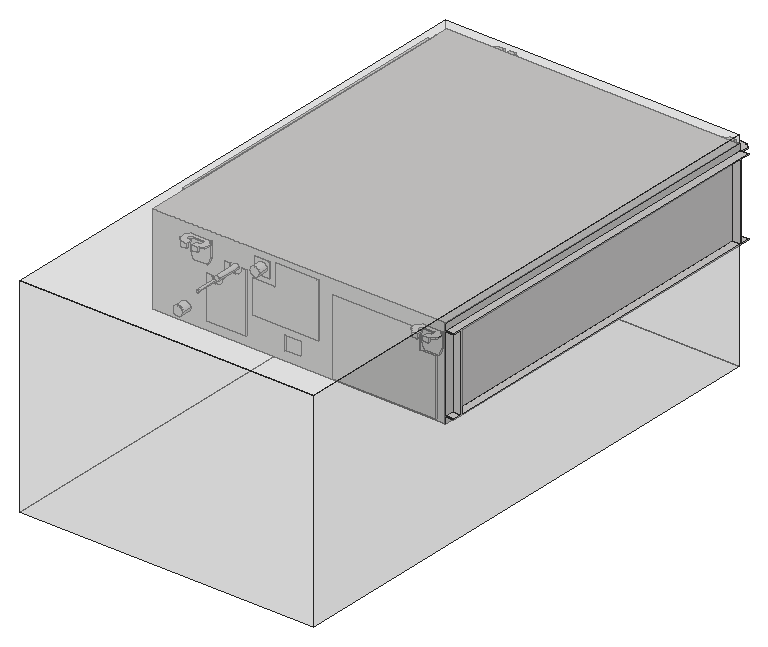
Revit family "outputfile", category 機械設備, Revit 2024
Family settings
  丸型コネクタ寸法 = 半径を使用
  パーツ タイプ = 標準
  OmniClass 番号 = 23.75.10.24.21.27.27
  OmniClass タイトル = Split System Air Conditioning Units
  作業面ベース = いいえ
  常に垂直 = はい
  ロード時にボイドで切り取り = いいえ
  注釈の向きを維持 = いいえ
  共有 = いいえ
  部屋計算ポイント = はい
Parameters (values of type "FXSA50AVM4")
  製造元 = "Daikin"
  書き出し IFC クラス(タイプ) = "IfcUnitaryEquipmentType"
  定義済み IFC タイプ(タイプ) = "AIRCONDITIONINGUNIT"
  モデル = "FXSA50AVM4"
  switch_frequency = yes
  r_Liquid Pipe Size = Liquid Pipe Size / 2  # 3.2 mm
  r_Gas Pipe Size = Gas Pipe Size / 2  # 6.35 mm
  r_Drain Pipe Size = Drain Pipe Size / 2  # 12.5 mm
  lw_power = 770.0 mm
  lh_SA = 138.0 mm
  lw_SA = if(Width = 550.0 mm, 225.0 mm, if(Width = 700.0 mm, 300.0 mm, if(Width = 1000.0 mm, 450.0 mm, if(Width = 1400.0 mm, 650.0 mm, 725.0 mm))))  # 450.0 mm
  lw_RA = if(Width = 550.0 mm, 275.0 mm, if(Width = 700.0 mm, 349.0 mm, if(Width = 1000.0 mm, 499.0 mm, if(Width = 1400.0 mm, 699.0 mm, 775.0 mm))))  # 499.0 mm
  lh_power = 60.0 mm + [h***]  # 60.0 mm
  lh_mountinghole1 = lh_mountinghole + [h***]  # 222.0 mm
  lh_RA = 123.0 mm
  ld_power = Width / 2  # 500.0 mm
  connector_voltage = Voltage_50Hz  # 220 V
  connector_powerinput = [Power Input (Cooling)]  # 0.075 kW
  connector_phase = Phase_50Hz  # 1
  Voltage_comment_60Hz = "220"
  Voltage_comment_50Hz = "220-240"
  Voltage_60Hz = 220 V
  Voltage_50Hz = 220 V
  Total Heating Capacity [instance] = 0.000 kW
  Supply Air Direction [instance] = yes
  Sound Power Level_H speed (dB) = 62
  Power Input (Heating) = 0.070 kW
  Phase_60Hz = 1
  Phase_50Hz = 1
  Nominal Heating Capacity = 6.300 kW
  Minimum External Static Pressure = 50.00 Pa
  Minimum Circuit Amps_60Hz = 1.6 A
  Minimum Circuit Amps_50Hz = 1.6 A
  Maximum Fuse Amps_60Hz = 16.0 A
  Maximum Fuse Amps_50Hz = 16.0 A
  Maximum External Static Pressure = 150.00 Pa
  Material_Casing = DAIKIN_GalvanizedSteel_Casing_indoorunit
  lw_mountinghole = 630.0 mm
  lh_gaspipe = 183.0 mm + [h***]  # 183.0 mm
  lh_mountinghole = 222.0 mm
  lh_liquidpipe = 136.0 mm + [h***]  # 136.0 mm
  lh_drainpipe = 207.0 mm + [h***]  # 207.0 mm
  lh_antena = Height - lh_mountinghole + 1.0 mm  # 24.0 mm
  ld_drainpipe = Width / 2 + 26.0 mm  # 526.0 mm
  ld_liquidpipe = 569.0 mm
  ld_gaspipe = Width / 2 + 65.0 mm  # 565.0 mm
  ld_mountinghole = Width + 38.0 mm  # 1038.0 mm
  h*** = 0.0 mm
  lw_liquidpipe = 179.0 mm
  lw_gaspipe = 229.0 mm
  lw_drainpipe = 300.0 mm
  Width = 1000.0 mm
  Version = "ver.1.0"
  Unit Type = "Duct_M.S.P."
  Unit Mass Weight = 35.00 kg
  Unit Designation [instance] = ""
  Uniclass2015Version = "Products v1.30"
  Uniclass2015Title = "Variable refrigerant flow units"
  Uniclass2015Code = "Pr_70_65_03_94"
  Total Cooling Capacity [instance] = 0.000 kW
  Sound Pressure Level_M speed (dBA) = 32
  Sound Pressure Level_L speed (dBA) = 29
  Sound Pressure Level_H speed (dBA) = 34
  Series = "VRV Fan Coil Unit"
  Sensible Cooling Capacity [instance] = 0.000 kW
  SA Duct Size Width = 792.0 mm
  SA Duct Size Height = 176.0 mm
  Refrigerant Type = "R32"
  RA Duct Size Width = 952.0 mm
  RA Duct Size Height = 208.0 mm
  Power Input (Cooling) = 0.075 kW
  Option Accessory 3 [instance] = ""
  Option Accessory 2 [instance] = ""
  Option Accessory 1 [instance] = ""
  Nominal Cooling Capacity = 5.600 kW
  Minimum Airflow = 690.00 m³/h
  Median Airflow = 870.00 m³/h
  Maximum Airflow = 1020.00 m³/h
  Load Classification = HVAC
  Liquid Pipe Size = 6.4 mm
  Link_Nested Family [instance] = ""
  IfcVersion = ""
  IfcExportType = "AIRCONDITIONINGUNIT"
  IfcExportAs = "IfcUnitaryEquipmentType"
  Height = 245.0 mm
  Heating Entering Wet Bulb Temperature [instance] = -273.15 °C
  Heating Entering Dry Bulb Temperature [instance] = -273.15 °C
  Heating Ambient Wet Bulb Temperature [instance] = -273.15 °C
  Heating Ambient Dry Bulb Temperature [instance] = -273.15 °C
  Heat Exchanger Type = "Cross Fin Coil"
  Gas Pipe Size = 12.7 mm
  Frequency_60Hz = 60 Hz
  Frequency_50Hz = 50 Hz
  Fan Type = "Sirocco Fan"
  Fan Drive = "Direct Drive"
  FCU Tag No. [instance] = ""
  Drain Pipe Size = 25.0 mm
  Design Supply Airflow [instance] = 0.00 m³/h
  Design Return Airflow [instance] = 0.00 m³/h
  Design External Static Pressure [instance] = 0.00 Pa
  Depth = 800.0 mm
  既定の高さ = 0.0 mm
  Cooling Entering Wet Bulb Temperature [instance] = 0.00 °C
  Cooling Entering Dry Bulb Temperature [instance] = 0.00 °C
  Cooling Ambient Wet Bulb Temperature [instance] = 0.00 °C
  Cooling Ambient Dry Bulb Temperature [instance] = 0.00 °C
  Clearance visibility [instance] = yes
  Clearance Top = 20.0 mm
  Clearance Right = 0.0 mm
  Clearance Rear = 0.0 mm
  Clearance Left = 0.0 mm
  Clearance Front = 450.0 mm
  Clearance Bottom = 300.0 mm
Reference planes
  plane 1 "Center (Front/Back)": y = 0
  plane 2 "h": z = 0
  plane 3 "Center (Left/Right)": x = 0
  plane 4 "Back": y = 500
  plane 5 "Front": y = -500
  plane 6 "Left": x = -400
  plane 7 "Right": x = 400
  plane 8 "Top": z = 0
  plane 9 "Bottom": z = -245
  plane 10: y = -215
  plane 11: y = 500
  plane 12: y = -950
  plane 13: x = -400
  plane 14: x = 400
  plane 15: z = 20
  plane 16: z = -545
  plane 17: x = -400
  plane 18: x = -399
  plane 19: x = 399
  plane 20: y = 50
  plane 21: y = -1
  plane 22: z = -122
  plane 23: y = -501
  plane 24: z = -109
  plane 25: x = -221
  plane 26: y = -565
  plane 27: z = -62
  plane 28: x = -171
  plane 29: y = -526
  plane 30: z = -38
  plane 31: x = -100
  plane 32: x = -100
  plane 33: x = -221
  plane 34: x = -171
  plane 35: x = 370
  plane 36: x = -266
  plane 37: x = 364
  plane 38: y = -519
  plane 39: y = 519
  plane 40: z = -23
  plane 41: z = -107
  plane 42: y = -569
  plane 43: z = -207
  plane 44: x = -309
  plane 45: y = -376
  plane 46: x = -251
  plane 47: x = -203
  plane 48: x = -144
  plane 49: z = -59
  plane 50: z = -106
  plane 51: z = -221
  plane 52: z = -109
  plane 53: x = -221
  plane 54: z = -62
  plane 55: x = -171
  plane 56: z = -17
  plane 57: z = -59
  plane 58: x = -121
  plane 59: x = -79
  plane 60: x = -125
  plane 61: x = -64
  plane 62: x = 53
  plane 63: z = -164
  plane 64: z = -73
  plane 65: z = -16
  plane 66: x = 93.5
  plane 67: x = 374.5
  plane 68: x = 330
  plane 69: z = -88.5
  plane 70: z = -38
  plane 71: z = -242.5
  plane 72: x = -38.5
  plane 73: x = 6.5
  plane 74: z = -181
  plane 75: z = -221
  plane 76: y = -499
  plane 77: x = -424
  plane 78: x = 424
Forms (mm)
  Extrusion 1, solid, material "DAIKIN_GalvanizedSteel_Casing_indoorunit" <- "Material_Casing"
    sketch origin (0, 0, 0) x (1, 0, 0) y (0, 1, 0)
      loop
        line (-399, 500) -> (-399, -500) -> (399, -500) -> (399, 500) -> (-399, 500)
    from -245 to 0
  Extrusion 2, solid, material "DAIKIN_GalvanizedSteel_Casing_indoorunit" <- "Material_Casing"
    sketch origin (0, 0, 0) x (1, 0, 0) y (0, 0, 1)
      loop
        line (-251, -221) -> (-144, -221) -> (-144, -59) -> (-154.47, -59)
        arc (-154.47, -59) -> (-171, -78.8) -> (-187.53, -59) r 16.8
        line (-187.53, -59) -> (-203, -59) -> (-203, -106) -> (-206.916, -106)
        arc (-206.916, -106) -> (-221, -123.4) -> (-235.084, -106) r 14.4
        line (-235.084, -106) -> (-251, -106) -> (-251, -221)
    from 500 to 501
  Extrusion 3, solid, material "DAIKIN_GalvanizedSteel_Casing_indoorunit" <- "Material_Casing"
    sketch origin (0, 0, 0) x (1, 0, 0) y (0, 0, 1)
      loop
        line (-121, -17) -> (-121, -59) -> (-79, -59) -> (-79, -17) -> (-121, -17)
      loop
        line (-125, -73) -> (-125, -164) -> (53, -164) -> (53, -16) -> (-64, -16) -> (-64, -73) -> (-125, -73)
    from 500 to 501
  Extrusion 4, solid, material "DAIKIN_GalvanizedSteel_Casing_indoorunit" <- "Material_Casing"
    sketch origin (0, 0, 0) x (1, 0, 0) y (0, 0, 1)
      loop
        line (93.5, -38) -> (93.5, -242.5) -> (374.5, -242.5) -> (374.5, -88.5) -> (330, -88.5) -> (330, -38) -> (93.5, -38)
    from 500 to 501
  Extrusion 5, solid, material "DAIKIN_GalvanizedSteel_Casing_indoorunit" <- "Material_Casing"
    sketch origin (0, 0, 0) x (1, 0, 0) y (0, 0, 1)
      loop
        circle (-221, -109) r 3.2
    from 500 to 569
  Extrusion 6, solid, material "DAIKIN_GalvanizedSteel_Casing_indoorunit" <- "Material_Casing"
    sketch origin (0, 0, 0) x (1, 0, 0) y (0, 0, 1)
      loop
        circle (-171, -62) r 6.35
    from 500 to 565
  Extrusion 7, solid, material "DAIKIN_GalvanizedSteel_Casing_indoorunit" <- "Material_Casing"
    sketch origin (0, 0, 0) x (1, 0, 0) y (0, 0, 1)
      loop
        circle (-100, -38) r 12.5
    from 501 to 526
  Extrusion 8, solid, material "DAIKIN_GalvanizedSteel_Casing_indoorunit" <- "Material_Casing"
    sketch origin (0, 0, 0) x (1, 0, 0) y (0, 0, 1)
      loop
        circle (-309, -207) r 13
    from 500 to 526
  Extrusion 9, void
    sketch origin (0, 0, 0) x (1, 0, 0) y (0, 0, 1)
      loop
        line (-38.5, -181) -> (-38.5, -221) -> (6.5, -221) -> (6.5, -181) -> (-38.5, -181)
    from 499 to 500
Cuts and joins
  Extrusion 9 cuts Extrusion 1
Dimensions and locks
  "Height": plane 8 "Top" to plane 9 "Bottom"
  equal spacing: plane 4 "Back", plane 1 "Center (Front/Back)", plane 5 "Front"
  "Width": plane 4 "Back" to plane 5 "Front"
  equal spacing: plane 6 "Left", plane 3 "Center (Left/Right)", plane 7 "Right"
  "Depth": plane 6 "Left" to plane 7 "Right"
  "Clearance Left": plane 13 to plane 6 "Left"
  "Clearance Right": plane 7 "Right" to plane 14
  "Clearance Rear": plane 11 to plane 4 "Back"
  "Clearance Front": plane 5 "Front" to plane 12
  "Clearance Top": plane 15 to plane 8 "Top"
  "Clearance Bottom": plane 9 "Bottom" to plane 16
  locked: plane 17 to plane 18 at 1
  locked: plane 19 to plane 14 at 1
  "lw_SA": plane 11 to plane 20
  "lw_RA": plane 21 to plane 5 "Front"
  "lh_RA": plane 22 to plane 9 "Bottom"
  locked: plane 5 "Front" to plane 23 at 1
  "lw_liquidpipe": plane 25 to plane 6 "Left"
  "lh_liquidpipe": plane 24 to plane 9 "Bottom"
  "lh_gaspipe": plane 27 to plane 9 "Bottom"
  "lw_gaspipe": plane 28 to plane 6 "Left"
  "ld_gaspipe": plane 26 to plane 1 "Center (Front/Back)"
  "ld_drainpipe": plane 29 to plane 1 "Center (Front/Back)"
  "lh_drainpipe": plane 30 to plane 9 "Bottom"
  "lw_drainpipe": plane 31 to plane 6 "Left"
  "lw_drainpipe": plane 6 "Left" to plane 32
  "lw_liquidpipe": plane 6 "Left" to plane 33
  "lw_gaspipe": plane 6 "Left" to plane 34
  "lw_power": plane 6 "Left" to plane 35
  locked: plane 17 to plane 36 at 134
  "lw_mountinghole": plane 36 to plane 37
  equal spacing: plane 38, plane 1 "Center (Front/Back)", plane 39
  "ld_mountinghole": plane 39 to plane 38
  "lh_mountinghole": plane 40 to plane 9 "Bottom"
  "lh_SA": plane 41 to plane 9 "Bottom"
  locked: plane 44 to plane 6 "Left" at 91
  locked: plane 43 to plane 9 "Bottom" at 38
  plane 48 to plane 47 to plane 46 to plane 6 "Left" = 59.0 mm, 48.0 mm, 149.0 mm
  plane 8 "Top" to plane 49 to plane 50 to plane 51 = 59.0 mm locked, 47.0 mm locked, 115.0 mm locked
  plane 55 to plane 53 to plane 6 "Left" = 50.0 mm locked, 179.0 mm locked
  plane 54 to plane 52 to plane 9 "Bottom" = 47.0 mm locked, 136.0 mm locked
  plane 59 to plane 58 to plane 6 "Left" = 42.0 mm locked, 279.0 mm locked
  plane 8 "Top" to plane 56 to plane 57 = 17.0 mm locked, 42.0 mm locked
  plane 62 to plane 61 to plane 60 to plane 6 "Left" = 117.0 mm, 61.0 mm, 275.0 mm
  plane 8 "Top" to plane 65 to plane 64 = 16.0 mm locked, 57.0 mm locked
  locked: plane 65 to plane 63 at 148
  plane 8 "Top" to plane 70 to plane 69 to plane 71 = 38.0 mm locked, 50.5 mm locked, 154.0 mm locked
  plane 67 to plane 68 to plane 66 to plane 6 "Left" = 44.5 mm locked, 236.5 mm locked, 493.5 mm locked
  plane 8 "Top" to plane 74 to plane 75 = 181.0 mm locked, 40.0 mm locked
  plane 73 to plane 72 to plane 6 "Left" = 45.0 mm, 361.5 mm
  locked: plane 76 to plane 5 "Front" at 1
  locked: plane 77 to plane 17 at 24
  locked: plane 14 to plane 78 at 24
  "ld_liquidpipe": plane 42 to plane 1 "Center (Front/Back)"
  "r_Liquid Pipe Size": radius of Extrusion 5 sketch curve
  "r_Gas Pipe Size": radius of Extrusion 6 sketch curve
  "r_Drain Pipe Size": radius of Extrusion 7 sketch curve
  aligned and locked: level to plane 2 "h"
  aligned and locked: plane 8 "Top" to Extrusion 1
  aligned and locked: Extrusion 1 to plane 9 "Bottom"
  aligned and locked: nested 5 to plane 12
  aligned and locked: plane 13 to nested 5
  aligned and locked: plane 14 to nested 5
  aligned and locked: nested 5 to plane 13
  aligned and locked: plane 11 to nested 5
  aligned and locked: plane 15 to nested 5
  aligned and locked: plane 16 to nested 5
  aligned and locked: plane 5 "Front" to Extrusion 1 sketch curve
  aligned and locked: Extrusion 1 to plane 18
  aligned and locked: plane 19 to Extrusion 1
  aligned and locked: nested 7 to plane 18
  aligned and locked: nested 7 to plane 20
  aligned and locked: plane 19 to nested 8
  aligned and locked: plane 21 to nested 8
  aligned and locked: plane 22 to nested 8
  aligned and locked: Extrusion 2 to plane 23
  aligned and locked: plane 5 "Front" to Extrusion 2
  aligned and locked: Extrusion 3 to plane 23
  aligned and locked: plane 5 "Front" to Extrusion 3
  aligned and locked: plane 5 "Front" to Extrusion 4
  aligned and locked: Extrusion 5 sketch curve to plane 25
  aligned and locked: plane 24 to Extrusion 5 sketch curve
  aligned and locked: plane 5 "Front" to Extrusion 5
  aligned and locked: Extrusion 6 sketch curve to plane 28
  aligned and locked: plane 27 to Extrusion 6 sketch curve
  aligned and locked: plane 5 "Front" to Extrusion 6
  aligned and locked: Extrusion 7 sketch curve to plane 31
  aligned and locked: Extrusion 7 sketch curve to plane 30
  aligned and locked: Extrusion 7 to plane 29
  aligned and locked: plane 23 to Extrusion 7
  aligned and locked: nested 3 to plane 29
  aligned and locked: plane 32 to nested 3
  aligned and locked: nested 2 to plane 33
  aligned and locked: nested 1 to plane 34
  aligned and locked: Extrusion 6 to plane 26
  aligned and locked: nested 1 to plane 26
  aligned and locked: nested 6 to plane 5 "Front"
  aligned and locked: nested 6 to plane 35
  aligned and locked: plane 36 to nested 10
  aligned and locked: nested 10 to plane 5 "Front"
  aligned and locked: plane 37 to nested 9
  aligned and locked: nested 9 to plane 5 "Front"
  aligned and locked: nested 11 to plane 36
  aligned and locked: plane 4 "Back" to nested 11
  aligned and locked: nested 12 to plane 37
  aligned and locked: plane 4 "Back" to nested 12
  aligned and locked: plane 40 to nested 10
  aligned and locked: plane 40 to nested 11
  aligned and locked: plane 40 to nested 9
  aligned and locked: plane 40 to nested 12
  aligned and locked: plane 36 to nested 14
  aligned and locked: nested 14 to plane 39
  aligned and locked: plane 37 to nested 13
  aligned and locked: nested 13 to plane 39
  aligned and locked: plane 37 to nested 16
  aligned and locked: plane 38 to nested 16
  aligned and locked: plane 38 to nested 15
  aligned and locked: plane 36 to nested 15
  aligned and locked: plane 17 to plane 6 "Left"
  aligned and locked: plane 41 to nested 7
  aligned and locked: Extrusion 5 to plane 42
  aligned and locked: nested 2 to plane 42
  aligned and locked: Extrusion 8 sketch curve to plane 44
  aligned and locked: plane 43 to Extrusion 8 sketch curve
  aligned and locked: plane 5 "Front" to Extrusion 8
  aligned and locked: Extrusion 3 sketch curve to plane 56
  aligned and locked: Extrusion 3 sketch curve to plane 58
  aligned and locked: plane 57 to Extrusion 3 sketch curve
  aligned and locked: plane 59 to Extrusion 3 sketch curve
  aligned and locked: Extrusion 4 to plane 23
  aligned and locked: Extrusion 9 sketch curve to plane 74
  aligned and locked: plane 75 to Extrusion 9 sketch curve
  aligned and locked: plane 73 to Extrusion 9 sketch curve
  aligned and locked: plane 5 "Front" to Extrusion 9
  aligned and locked: plane 76 to Extrusion 9
  aligned and locked: nested 17 to plane 20
  aligned and locked: nested 17 to plane 77
  aligned and locked: plane 21 to nested 18
  aligned and locked: plane 78 to nested 18
  aligned and locked: plane 41 to nested 17
  aligned and locked: nested 18 to plane 22
  aligned and locked: nested 4 to plane 3 "Center (Left/Right)"
  aligned and locked: plane 1 "Center (Front/Back)" to nested 4
  aligned and locked: level to plane 8 "Top"
  aligned and locked: Extrusion 8 to plane 29
Automatic sketch dimensions
  plane 6 "Left" to Extrusion 1 sketch curve = 1.0 mm
  Extrusion 1 sketch curve to plane 7 "Right" = 1.0 mm
  Extrusion 1 sketch curve to plane 4 "Back" = 0.0 mm
  Extrusion 2 sketch curve to plane 46 = 0.0 mm
  Extrusion 2 sketch curve to plane 33 = 0.0 mm
  Extrusion 2 sketch curve to plane 47 = 0.0 mm
  Extrusion 2 sketch curve to plane 34 = 0.0 mm
  Extrusion 2 sketch curve to plane 48 = 0.0 mm
  Extrusion 2 sketch curve to plane 51 = 0.0 mm
  Extrusion 2 sketch curve to plane 52 = 0.0 mm
  Extrusion 2 sketch curve to plane 50 = 0.0 mm  (x3)
  Extrusion 2 sketch curve to plane 54 = 0.0 mm
  Extrusion 2 sketch curve to plane 49 = 0.0 mm  (x3)
  plane 33 to Extrusion 2 sketch curve = 14.084 mm
  plane 34 to Extrusion 2 sketch curve = 16.53 mm
  Extrusion 3 sketch curve to plane 60 = 0.0 mm
  Extrusion 3 sketch curve to plane 61 = 0.0 mm
  Extrusion 3 sketch curve to plane 62 = 0.0 mm
  Extrusion 3 sketch curve to plane 63 = 0.0 mm
  Extrusion 3 sketch curve to plane 64 = 0.0 mm
  Extrusion 3 sketch curve to plane 65 = 0.0 mm
  Extrusion 4 sketch curve to plane 66 = 0.0 mm
  Extrusion 4 sketch curve to plane 68 = 0.0 mm
  Extrusion 4 sketch curve to plane 67 = 0.0 mm
  Extrusion 4 sketch curve to plane 71 = 0.0 mm
  Extrusion 4 sketch curve to plane 69 = 0.0 mm
  Extrusion 4 sketch curve to plane 70 = 0.0 mm
  Extrusion 9 sketch curve to plane 72 = 0.0 mm
  radius of Extrusion 8 sketch curve = 13.0 mm
Nested families
  nested 1: "daikin_connector_rotate2" at (-171, 0, -62), length <- "ld_gaspipe", built-in parameter 1001364 <- "lh_gaspipe", radius <- "r_Gas Pipe Size", type "daikin_connector_rotate2"
    with radius 6.35 mm, length 565.0 mm, angle_vertical 90.00°
  nested 2: "daikin_connector_rotate2" at (-221, 0, -109), length <- "ld_liquidpipe", built-in parameter 1001364 <- "lh_liquidpipe", radius <- "r_Liquid Pipe Size", type "daikin_connector_rotate2"
    with radius 3.2 mm, length 569.0 mm, angle_vertical 90.00°
  nested 3: "daikin_connector_rotate2" at (-100, 0, -38), length <- "ld_drainpipe", built-in parameter 1001364 <- "lh_drainpipe", radius <- "r_Drain Pipe Size", type "daikin_connector_rotate2"
    with radius 12.5 mm, length 526.0 mm, angle_vertical 90.00°
  nested 4: "daikin_△_symbolicline" at (0, 0, 245) x (0, -1, 0) z (0, 0, 1), built-in parameter 1001364 <- "Height", visible <- "Supply Air Direction", type "daikin_△_symbolicline"
    with length 200.0 mm
  nested 5: "daikin_clearancespace" at (0, -225, -262.381), visible <- "Clearance visibility", show <- "Clearance visibility", Link_Nested Family <- "Link_Nested Family", type "daikin_clearancespace"
    with width 800.0 mm, show yes, height 565.0 mm, depth 1450.0 mm, Link_Nested Family ""
  nested 6: "daikin_connector_rotate2" at (370, 0, -185), built-in parameter 1001364 <- "lh_power", length <- "ld_power", type "daikin_connector_rotate2"
    with radius 10.0 mm, length 500.0 mm, angle_vertical 90.00°
  nested 7: "daikin_ductflange_FXFSA-AVM4_2" at (-399, 50, -107) x (0, -1, 0) z (0, 0, 1), type "daikin_ductflange_FXFSA-AV4_2"
    with width 792.0 mm, w 1000.0 mm
  nested 8: "daikin_ductflange_FXFSA-AVM4" at (399, -1, -122) x (0, 1, 0) z (0, 0, 1), type "daikin_ductflange_FXFSA-AVM4"
    with width 952.0 mm, lw 25.0 mm, w 1000.0 mm
  nested 9: "FXFSA-AVM4" at (364, -500, -23), type "daikin_hangerfixture_FXSA-AVM4"
  nested 10: "FXFSA-AVM4" at (-266, -500, -23), type "daikin_hangerfixture_FXSA-AVM4"
  nested 11: "FXFSA-AVM4" at (-266, 500, -23) x (-1, 0, 0) z (0, 0, 1), type "daikin_hangerfixture_FXSA-AVM4"
  nested 12: "FXFSA-AVM4" at (364, 500, -23) x (-1, 0, 0) z (0, 0, 1), type "daikin_hangerfixture_FXSA-AVM4"
  nested 13: "daikin_mountinghole" at (364, 519, -245), h_mountinghole <- "lh_mountinghole1", l_antenna <- "lh_antena", Link_Nested Family <- "Link_Nested Family", type "daikin_mountinghole"
    with show yes, l_antenna 24.0 mm, h_mountinghole 222.0 mm, Link_Nested Family ""
  nested 14: "daikin_mountinghole" at (-266, 519, -245), h_mountinghole <- "lh_mountinghole1", l_antenna <- "lh_antena", Link_Nested Family <- "Link_Nested Family", type "daikin_mountinghole"
    with show yes, l_antenna 24.0 mm, h_mountinghole 222.0 mm, Link_Nested Family ""
  nested 15: "daikin_mountinghole" at (-266, -519, -245), h_mountinghole <- "lh_mountinghole1", l_antenna <- "lh_antena", Link_Nested Family <- "Link_Nested Family", type "daikin_mountinghole"
    with show yes, l_antenna 24.0 mm, h_mountinghole 222.0 mm, Link_Nested Family ""
  nested 16: "daikin_mountinghole" at (364, -519, -245), h_mountinghole <- "lh_mountinghole1", l_antenna <- "lh_antena", Link_Nested Family <- "Link_Nested Family", type "daikin_mountinghole"
    with show yes, l_antenna 24.0 mm, h_mountinghole 222.0 mm, Link_Nested Family ""
  nested 17: "daikin_connector_rotate2" at (-400, 50, -107) x (0, -1, 0) z (0, 0, 1), type "daikin_connector_rotate2"
    with radius 10.0 mm, length 24.0 mm, angle_vertical 90.00°
  nested 18: "daikin_connector_rotate2" at (400, -1, -122) x (0, 1, 0) z (0, 0, 1), type "daikin_connector_rotate2"
    with radius 10.0 mm, length 24.0 mm, angle_vertical 90.00°
Connectors
  piping at (-100, -526, -38), diameter 25, driven by "r_Drain Pipe Size"
    settings: on nested 3, index 3, connector inside diameter 609.6 mm, connector length 0.0 mm, flow factor 0, pipe flow 0.00 m³/h, pressure drop 0.0 Pa, fitting loss kfactor 0, connector angle 0.00°, fixture units 0, engagement length 0.0 mm, angle of deflection 0.00°, flow configuration 1, flow direction 2, fitting loss method 4, system type 16, joint type 0, gender type 0, connector reference index -1, connector utility 0, adjustable connector no, is connector primary yes, connector description "Condensate Drain Piping"
  piping at (-171, -565, -62), diameter 12.7, driven by "r_Gas Pipe Size"
    settings: on nested 1, index 4, connector inside diameter 609.6 mm, connector length 0.0 mm, flow factor 0, pipe flow 0.00 m³/h, pressure drop 0.0 Pa, fitting loss kfactor 0, connector angle 0.00°, fixture units 0, engagement length 0.0 mm, angle of deflection 0.00°, flow configuration 1, flow direction 2, fitting loss method 0, system type 29, joint type 0, gender type 0, connector reference index -1, connector utility 0, adjustable connector no, is connector primary no, connector description "Refrigerant Gas Piping"
  piping at (-221, -569, -109), diameter 6.4, driven by "r_Liquid Pipe Size"
    settings: on nested 2, index 5, connector inside diameter 609.6 mm, connector length 0.0 mm, flow factor 0, pipe flow 0.00 m³/h, pressure drop 0.0 Pa, fitting loss kfactor 0, connector angle 0.00°, fixture units 0, engagement length 0.0 mm, angle of deflection 0.00°, flow configuration 1, flow direction 1, fitting loss method 0, system type 29, joint type 0, gender type 0, connector reference index -1, connector utility 0, adjustable connector no, is connector primary no, connector description "Refrigerant Liquid Piping"
  electrical at (370, -500, -185), driven by "Load Classification", driven by "connector_voltage", driven by "connector_phase", driven by "connector_powerinput"
    settings: on nested 6, index 6, voltage 220 V, apparent load 75 VA, apparent load phase1 0 VA, apparent load phase2 0 VA, apparent load phase3 0 VA, power factor 1, load classification "HVAC", number of poles 1, system type 30, power factor state 1, is connector primary yes, connector utility no, sub classification motor no, connector description "Power Supply"
  hvac at (-424, 50, -107), driven by "SA Duct Size Height", driven by "SA Duct Size Width"
    settings: on nested 17, index 7, duct flow 0.00 m³/h, flow factor 0, pres drop 0.00 Pa, loss coef 0, conn angle 0.00°, conn width 792.0 mm, conn height 176.0 mm, conn diameter 609.6 mm, duct sys type 1, conn prof type 1, flow config 0, flow direction 2, loss method 4, conn ref index -1, conn util no, is conn primary yes, conn desc "SA Duct"
  hvac at (424, -1, -122), driven by "RA Duct Size Height", driven by "RA Duct Size Width"
    settings: on nested 18, index 8, duct flow 0.00 m³/h, flow factor 0, pres drop 0.00 Pa, loss coef 0, conn angle 0.00°, conn width 952.0 mm, conn height 208.0 mm, conn diameter 609.6 mm, duct sys type 2, conn prof type 1, flow config 0, flow direction 1, loss method 4, conn ref index -1, conn util no, is conn primary no, conn desc "RA Duct"
Definition of nested family "daikin_clearancespace"
  Parameters (values of type "daikin_clearancespace")
    Description = "daikin_clearancespace"
    width [instance] = 1823.963 mm
    show [instance] = yes
    material = none
    height [instance] = 1359.762 mm
    depth [instance] = 880.0 mm
    Default Elevation = 0.0 mm
    Link_Nested Family [instance] = ""
  Reference planes
    plane 1 "Center (Front/Back)": y = 0
    plane 2 "Center (Elevation)": z = -0.119
    plane 3 "Center (Left/Right)": x = 0
    plane 4: y = 440
    plane 5: y = -440
    plane 6 "Right": x = 911.982
    plane 7 "Left": x = -911.982
    plane 8 "Top": z = 679.762
    plane 9 "Bottom": z = -680
  Forms (mm)
    Extrusion 1, solid, material <- "material", visible <- "show"
      sketch origin (0, 0, 0) x (1, 0, 0) y (0, 1, 0)
        loop
          line (-911.982, 440) -> (-911.982, -440) -> (911.982, -440) -> (911.982, 440) -> (-911.982, 440)
      from -680 to 679.762
  Lines and regions (mm)
    symbolic lines, visible <- "show"
      curve 1: line (911.982, 440, 0) -> (-911.982, 440, 0)
      curve 2: line (-911.982, 440, 0) -> (-911.982, -440, 0)
      curve 3: line (-911.982, -440, 0) -> (911.982, -440, 0)
      curve 4: line (911.982, -440, 0) -> (911.982, 440, 0)
      curve 5: line (911.982, 0, 679.762) -> (-911.982, 0, 679.762)
      curve 6: line (911.982, 0, -680) -> (911.982, 0, 679.762)
      curve 7: line (-911.982, 0, -680) -> (911.982, 0, -680)
      curve 8: line (-911.982, 0, 679.762) -> (-911.982, 0, -680)
      curve 9: line (0, 440, 679.762) -> (0, -440, 679.762)
      curve 10: line (0, -440, 679.762) -> (0, -440, -680)
      curve 11: line (0, 440, -680) -> (0, 440, 679.762)
      curve 12: line (0, -440, -680) -> (0, 440, -680)
  Dimensions and locks
    "width": plane 7 "Left" to plane 6 "Right"
    "depth": plane 4 to plane 5
    "height": plane 8 "Top" to plane 9 "Bottom"
    equal spacing: plane 7 "Left", plane 3 "Center (Left/Right)", plane 6 "Right"
    equal spacing: plane 4, plane 1 "Center (Front/Back)", plane 5
    equal spacing: plane 8 "Top", plane 2 "Center (Elevation)", plane 9 "Bottom"
    aligned and locked: level to plane 2 "Center (Elevation)"
    aligned and locked: Extrusion 1 sketch curve to plane 4
    aligned and locked: plane 7 "Left" to Extrusion 1 sketch curve
    aligned and locked: Extrusion 1 sketch curve to plane 5
    aligned and locked: Extrusion 1 sketch curve to plane 6 "Right"
    aligned and locked: plane 8 "Top" to Extrusion 1
    aligned and locked: curve 1 to Extrusion 1
    aligned and locked: curve 2 to Extrusion 1
    aligned and locked: curve 3 to Extrusion 1
    aligned and locked: curve 4 to Extrusion 1
    aligned and locked: curve 5 to Extrusion 1
    aligned and locked: curve 6 to Extrusion 1
    aligned and locked: curve 7 to Extrusion 1
    aligned and locked: curve 8 to Extrusion 1
    aligned and locked: curve 9 to Extrusion 1
    aligned and locked: curve 10 to Extrusion 1
    aligned and locked: curve 11 to Extrusion 1
    aligned and locked: curve 12 to Extrusion 1
    aligned and locked: Extrusion 1 to plane 9 "Bottom"
Definition of nested family "daikin_ductflange_FXFSA-AVM4_2"
  Parameters (values of type "daikin_ductflange_FBA-BVMA2")
    width = if(w = 550.0 mm, 337.0 mm, if(w = 700.0 mm, 492.0 mm, if(w = 1000.0 mm, 792.0 mm, if(w = 1400.0 mm, 1192.0 mm, 1337.0 mm))))  # 492.0 mm
    w1 = if(w = 550.0 mm, 24.0 mm, if(w = 700.0 mm, 21.5 mm, if(w = 1000.0 mm, 21.5 mm, if(w = 1400.0 mm, 21.5 mm, 24.0 mm))))  # 21.5 mm
    material = none
    height = 215.0 mm
    depth = 1.0 mm
    w = 700.0 mm
    Default Elevation = 0.0 mm
  Reference planes
    plane 1 "Center (Front/Back)": y = 0
    plane 2: z = 0
    plane 3 "Center (Left/Right)": x = 0
    plane 4: z = 88
    plane 5: z = -88
    plane 6: y = -25
    plane 7: z = 106
    plane 8: z = 89
    plane 9: y = -1
    plane 10: x = -267.5
    plane 11: x = 267.5
    plane 12: z = -106
    plane 13: z = -89
    plane 14: y = -1
    plane 15: x = 246
    plane 16: x = -246
    plane 17: x = 247
    plane 18: z = 87
    plane 19: z = -87
    plane 20: x = -247
    plane 21: z = 87
    plane 22: z = -87
    plane 23: y = -1
  Forms (mm)
    Extrusion 1, solid, material <- "material"
      sketch origin (0, 0, 0) x (0, 1, 0) y (0, 0, 1)
        loop
          line (-25, 88) -> (0, 88) -> (0, 106) -> (-1, 106) -> (-1, 89) -> (-25, 89) -> (-25, 88)
      from -267.5 to 267.5
    Extrusion 2, solid, material <- "material"
      sketch origin (0, 0, 0) x (0, 1, 0) y (0, 0, 1)
        loop
          line (-25, -88) -> (-25, -89) -> (-1, -89) -> (-1, -106) -> (0, -106) -> (0, -88) -> (-25, -88)
      from -267.5 to 267.5
    Extrusion 3, solid, material <- "material"
      sketch origin (0, 0, 0) x (1, 0, 0) y (0, 0, 1)
        loop
          line (246, 88) -> (246, -88) -> (267.5, -88) -> (267.5, -87) -> (247, -87) -> (247, 87) -> (267.5, 87) -> (267.5, 88) -> (246, 88)
      from 0 to 25
    Extrusion 4, solid, material <- "material"
      sketch origin (0, 0, 0) x (1, 0, 0) y (0, 0, 1)
        loop
          line (-267.5, 88) -> (-267.5, 87) -> (-247, 87) -> (-247, -87) -> (-267.5, -87) -> (-267.5, -88) -> (-246, -88) -> (-246, 88) -> (-267.5, 88)
      from 0 to 25
    Extrusion 5, solid, material <- "material"
      sketch origin (0, 0, 0) x (1, 0, 0) y (0, 0, 1)
        loop
          line (-267.5, 88) -> (-267.5, -88) -> (-246, -88) -> (-246, 88) -> (-267.5, 88)
        loop
          line (267.5, 88) -> (246, 88) -> (246, -88) -> (267.5, -88) -> (267.5, 88)
      from 0 to 1
  Cuts and joins
    joined: Extrusion 1, Extrusion 2, Extrusion 3, Extrusion 4, Extrusion 5
  Dimensions and locks
    plane 4 to level to plane 5 = 88.0 mm, 88.0 mm
    locked: plane 6 to plane 1 "Center (Front/Back)" at 25
    locked: plane 9 to plane 1 "Center (Front/Back)" at 1
    locked: plane 8 to plane 4 at 1
    "w1": plane 16 to plane 10
    locked: plane 17 to plane 15 at 1
    locked: plane 4 to plane 18 at 1
    locked: plane 19 to plane 5 at 1
    "width": plane 15 to plane 16
    plane 4 to plane 5 = 176.0 mm
    locked: plane 16 to plane 20 at 1
    locked: plane 4 to plane 21 at 1
    locked: plane 22 to plane 5 at 1
    locked: plane 23 to plane 1 "Center (Front/Back)" at 1
    plane 4 to level to plane 5 = 88.0 mm locked, 88.0 mm locked
    locked: plane 5 to plane 13 at 1
    locked: plane 5 to plane 12 at 18
    locked: plane 7 to plane 4 at 18
    equal spacing: plane 15, plane 3 "Center (Left/Right)", plane 16
    "w1": plane 11 to plane 15
    plane 11 to plane 10 = 535.0 mm
    aligned and locked: level to plane 2
    aligned and locked: Extrusion 1 to plane 10
    aligned and locked: plane 11 to Extrusion 1
    aligned and locked: plane 5 to Extrusion 2
    aligned and locked: Extrusion 2 to plane 1 "Center (Front/Back)"
    aligned and locked: plane 15 to Extrusion 3 sketch curve
    aligned and locked: Extrusion 3 sketch curve to Extrusion 2  (x2)
    aligned and locked: Extrusion 3 sketch curve to plane 11
    aligned and locked: plane 6 to Extrusion 3
    aligned and locked: Extrusion 2 to plane 10
    aligned and locked: plane 11 to Extrusion 2
    aligned and locked: Extrusion 4 sketch curve to Extrusion 1  (x2)
    aligned and locked: plane 5 to Extrusion 4 sketch curve
    aligned and locked: Extrusion 4 sketch curve to plane 16
    aligned and locked: Extrusion 4 sketch curve to plane 22
    aligned and locked: plane 20 to Extrusion 4 sketch curve
    aligned and locked: plane 21 to Extrusion 4 sketch curve
    aligned and locked: Extrusion 4 to plane 1 "Center (Front/Back)"
    aligned and locked: plane 6 to Extrusion 4
    aligned and locked: Extrusion 5 sketch curve to Extrusion 1  (x4)
    aligned and locked: Extrusion 5 sketch curve to Extrusion 4  (x2)
    aligned and locked: Extrusion 5 sketch curve to Extrusion 3  (x2)
    aligned and locked: Extrusion 5 to plane 1 "Center (Front/Back)"
    aligned and locked: plane 23 to Extrusion 5
  Automatic sketch dimensions
    Extrusion 1 sketch curve to plane 6 = 0.0 mm
    Extrusion 1 sketch curve to plane 7 = 0.0 mm
    Extrusion 1 sketch curve to plane 9 = 0.0 mm
    Extrusion 1 sketch curve to plane 1 "Center (Front/Back)" = 0.0 mm
    Extrusion 1 sketch curve to plane 4 = 0.0 mm
    Extrusion 1 sketch curve to plane 8 = 0.0 mm
    Extrusion 2 sketch curve to plane 6 = 0.0 mm
    plane 12 to Extrusion 2 sketch curve = 0.0 mm
    Extrusion 2 sketch curve to plane 14 = 0.0 mm
    Extrusion 2 sketch curve to plane 1 "Center (Front/Back)" = 0.0 mm
    plane 13 to Extrusion 2 sketch curve = 0.0 mm
    Extrusion 2 sketch curve to plane 5 = 0.0 mm
    Extrusion 3 sketch curve to plane 17 = 0.0 mm
    Extrusion 3 sketch curve to plane 19 = 0.0 mm
    Extrusion 3 sketch curve to plane 18 = 0.0 mm
    Extrusion 3 sketch curve to plane 4 = 0.0 mm
    Extrusion 4 sketch curve to plane 10 = 0.0 mm
Definition of nested family "daikin_ductflange_FXFSA-AVM4"
  Parameters (values of type "daikin_ductflange_FBFC-DVMG")
    width = if(w = 550.0 mm, 502.0 mm, if(w = 700.0 mm, 654.0 mm, if(w = 1000.0 mm, 952.0 mm, if(w = 1400.0 mm, 1352.0 mm, 1502.0 mm))))  # 654.0 mm
    material = none
    lw = if(width = 654.0 mm, 23.0 mm, 25.0 mm)  # 23.0 mm
    height = 208.0 mm
    depth = 1.0 mm
    w = 700.0 mm
    Default Elevation = 0.0 mm
  Reference planes
    plane 1 "Center (Front/Back)": y = 0
    plane 2: z = 0
    plane 3 "Center (Left/Right)": x = 0
    plane 4: z = 104
    plane 5: z = -104
    plane 6: y = -25
    plane 7: z = 121
    plane 8: z = 105
    plane 9: y = -1
    plane 10: x = -350
    plane 11: x = 350
    plane 12: z = -122
    plane 13: z = -105
    plane 14: y = -1
    plane 15: x = 327
    plane 16: x = -327
    plane 17: x = 328
    plane 18: z = 103
    plane 19: z = -103
    plane 20: x = -328
    plane 21: z = 103
    plane 22: z = -103
    plane 23: y = -1
  Forms (mm)
    Extrusion 1, solid, material <- "material"
      sketch origin (0, 0, 0) x (0, 1, 0) y (0, 0, 1)
        loop
          line (-25, 104) -> (0, 104) -> (0, 121) -> (-1, 121) -> (-1, 105) -> (-25, 105) -> (-25, 104)
      from -350 to 350
    Extrusion 2, solid, material <- "material"
      sketch origin (0, 0, 0) x (0, 1, 0) y (0, 0, 1)
        loop
          line (-25, -104) -> (-25, -105) -> (-1, -105) -> (-1, -122) -> (0, -122) -> (0, -104) -> (-25, -104)
      from -350 to 350
    Extrusion 3, solid, material <- "material"
      sketch origin (0, 0, 0) x (1, 0, 0) y (0, 0, 1)
        loop
          line (327, 104) -> (327, -104) -> (350, -104) -> (350, -103) -> (328, -103) -> (328, 103) -> (350, 103) -> (350, 104) -> (327, 104)
      from 0 to 25
    Extrusion 4, solid, material <- "material"
      sketch origin (0, 0, 0) x (1, 0, 0) y (0, 0, 1)
        loop
          line (-350, 104) -> (-350, 103) -> (-328, 103) -> (-328, -103) -> (-350, -103) -> (-350, -104) -> (-327, -104) -> (-327, 104) -> (-350, 104)
      from 0 to 25
    Extrusion 5, solid, material <- "material"
      sketch origin (0, 0, 0) x (1, 0, 0) y (0, 0, 1)
        loop
          line (-350, 104) -> (-350, -104) -> (-327, -104) -> (-327, 104) -> (-350, 104)
        loop
          line (350, 104) -> (327, 104) -> (327, -104) -> (350, -104) -> (350, 104)
      from 0 to 1
  Cuts and joins
    joined: Extrusion 1, Extrusion 2, Extrusion 3, Extrusion 4, Extrusion 5
  Dimensions and locks
    plane 4 to level to plane 5 = 104.0 mm, 104.0 mm
    locked: plane 6 to plane 1 "Center (Front/Back)" at 25
    locked: plane 9 to plane 1 "Center (Front/Back)" at 1
    locked: plane 8 to plane 4 at 1
    "lw": plane 11 to plane 15
    "lw": plane 16 to plane 10
    locked: plane 17 to plane 15 at 1
    locked: plane 4 to plane 18 at 1
    locked: plane 19 to plane 5 at 1
    "width": plane 15 to plane 16
    equal spacing: plane 15, plane 3 "Center (Left/Right)", plane 16
    locked: plane 16 to plane 20 at 1
    locked: plane 4 to plane 21 at 1
    locked: plane 22 to plane 5 at 1
    locked: plane 23 to plane 1 "Center (Front/Back)" at 1
    locked: plane 7 to plane 4 at 17
    locked: plane 1 "Center (Front/Back)" to plane 14 at 1
    locked: plane 5 to plane 13 at 1
    "height": plane 4 to plane 5
    plane 11 to plane 10 = 700.0 mm
    locked: plane 12 to plane 13 at 17
    equal spacing: plane 4, level, plane 5
    aligned and locked: level to plane 2
    aligned and locked: Extrusion 1 to plane 10
    aligned and locked: plane 11 to Extrusion 1
    aligned and locked: plane 5 to Extrusion 2
    aligned and locked: Extrusion 2 to plane 1 "Center (Front/Back)"
    aligned and locked: plane 15 to Extrusion 3 sketch curve
    aligned and locked: Extrusion 3 sketch curve to Extrusion 2  (x2)
    aligned and locked: Extrusion 3 sketch curve to plane 11
    aligned and locked: plane 6 to Extrusion 3
    aligned and locked: Extrusion 2 to plane 10
    aligned and locked: plane 11 to Extrusion 2
    aligned and locked: Extrusion 4 sketch curve to Extrusion 1  (x2)
    aligned and locked: plane 5 to Extrusion 4 sketch curve
    aligned and locked: Extrusion 4 sketch curve to plane 16
    aligned and locked: Extrusion 4 sketch curve to plane 22
    aligned and locked: plane 20 to Extrusion 4 sketch curve
    aligned and locked: plane 21 to Extrusion 4 sketch curve
    aligned and locked: Extrusion 4 to plane 1 "Center (Front/Back)"
    aligned and locked: plane 6 to Extrusion 4
    aligned and locked: Extrusion 5 sketch curve to Extrusion 1  (x4)
    aligned and locked: Extrusion 5 sketch curve to Extrusion 4  (x2)
    aligned and locked: Extrusion 5 sketch curve to Extrusion 3  (x2)
    aligned and locked: Extrusion 5 to plane 1 "Center (Front/Back)"
    aligned and locked: plane 23 to Extrusion 5
  Automatic sketch dimensions
    Extrusion 1 sketch curve to plane 6 = 0.0 mm
    Extrusion 1 sketch curve to plane 7 = 0.0 mm
    Extrusion 1 sketch curve to plane 9 = 0.0 mm
    Extrusion 1 sketch curve to plane 1 "Center (Front/Back)" = 0.0 mm
    Extrusion 1 sketch curve to plane 4 = 0.0 mm
    Extrusion 1 sketch curve to plane 8 = 0.0 mm
    Extrusion 2 sketch curve to plane 6 = 0.0 mm
    plane 12 to Extrusion 2 sketch curve = 0.0 mm
    Extrusion 2 sketch curve to plane 14 = 0.0 mm
    Extrusion 2 sketch curve to plane 1 "Center (Front/Back)" = 0.0 mm
    plane 13 to Extrusion 2 sketch curve = 0.0 mm
    Extrusion 2 sketch curve to plane 5 = 0.0 mm
    Extrusion 3 sketch curve to plane 17 = 0.0 mm
    Extrusion 3 sketch curve to plane 19 = 0.0 mm
    Extrusion 3 sketch curve to plane 18 = 0.0 mm
    Extrusion 3 sketch curve to plane 4 = 0.0 mm
    Extrusion 4 sketch curve to plane 10 = 0.0 mm
Definition of nested family "FXFSA-AVM4"
  Parameters (values of type "daikin_hangerfixture_FXMQ-PAVE")
    width = 72.0 mm
    material = none
    height = 60.0 mm
    depth = 41.0 mm
    Default Elevation = 0.0 mm
  Reference planes
    plane 1 "Center (Front/Back)": y = 0
    plane 2: z = 0
    plane 3 "Center (Left/Right)": x = 0
    plane 4: y = 417.146
    plane 5: y = -41
    plane 6: x = -36
    plane 7: x = 36
    plane 8: z = -2.3
    plane 9: z = -60
    plane 10: y = -2.3
    plane 11: z = -12
    plane 12: y = -38.7
  Forms (mm)
    Extrusion 1, solid, material <- "material"
      sketch origin (0, 0, 0) x (1, 0, 0) y (0, 1, 0)
        loop
          line (-28, 0) -> (-28, -5)
          arc (-28, -5) -> (-29.127, -8.162) -> (-32, -9.899) r 5
          arc (-32, -9.899) -> (-34.873, -11.636) -> (-36, -14.798) r 5
          line (-36, -14.798) -> (-36, -27.178)
          arc (-36, -27.178) -> (-35.429, -29.499) -> (-33.846, -31.289) r 5
          line (-33.846, -31.289) -> (-23, -38.798) -> (-23, -41.098) -> (-6.5, -41.098) -> (-6.5, -28.498)
          arc (-6.5, -28.498) -> (-7.379, -26.377) -> (-9.5, -25.498) r 3
          line (-9.5, -25.498) -> (-13.5, -25.498)
          arc (-13.5, -25.498) -> (-20, -18.998) -> (-13.5, -12.498) r 6.5
          line (-13.5, -12.498) -> (13.5, -12.498)
          arc (13.5, -12.498) -> (20, -18.998) -> (13.5, -25.498) r 6.5
          line (13.5, -25.498) -> (9.5, -25.498)
          arc (9.5, -25.498) -> (7.379, -26.377) -> (6.5, -28.498) r 3
          line (6.5, -28.498) -> (6.5, -41.098) -> (23, -41.098) -> (23, -38.798) -> (33.846, -31.289)
          arc (33.846, -31.289) -> (35.429, -29.499) -> (36, -27.178) r 5
          line (36, -27.178) -> (36, -14.596)
          arc (36, -14.596) -> (34.873, -11.434) -> (32, -9.697) r 5
          arc (32, -9.697) -> (29.127, -7.96) -> (28, -4.798) r 5
          line (28, -4.798) -> (28, 0) -> (-28, 0)
      from 0 to -2.3
    Extrusion 2, solid, material <- "material"
      sketch origin (0, 0, 0) x (1, 0, 0) y (0, 0, 1)
        loop
          line (28, -39.037) -> (28, 0) -> (-28, 0) -> (-28, -39.037)
          arc (-28, -39.037) -> (-27.91, -39.983) -> (-27.642, -40.894) r 5
          line (-27.642, -40.894) -> (-21.257, -56.857)
          arc (-21.257, -56.857) -> (-19.418, -59.14) -> (-16.615, -60) r 5
          line (-16.615, -60) -> (16.615, -60)
          arc (16.615, -60) -> (19.418, -59.14) -> (21.257, -56.857) r 5
          line (21.257, -56.857) -> (27.642, -40.894)
          arc (27.642, -40.894) -> (27.91, -39.983) -> (28, -39.037) r 5
      from 0 to 2.3
    Extrusion 3, solid, material <- "material"
      sketch origin (0, 0, 0) x (1, 0, 0) y (0, 0, 1)
        loop
          line (-23, 0) -> (-23, -9)
          arc (-23, -9) -> (-22.121, -11.121) -> (-20, -12) r 3
          line (-20, -12) -> (-9.5, -12)
          arc (-9.5, -12) -> (-7.379, -11.121) -> (-6.5, -9) r 3
          line (-6.5, -9) -> (-6.5, 0) -> (-23, 0)
        loop
          line (23, 0) -> (6.5, 0) -> (6.5, -9)
          arc (6.5, -9) -> (7.379, -11.121) -> (9.5, -12) r 3
          line (9.5, -12) -> (20, -12)
          arc (20, -12) -> (22.121, -11.121) -> (23, -9) r 3
          line (23, -9) -> (23, 0)
      from 38.8 to 41.098
  Cuts and joins
    joined: Extrusion 1, Extrusion 2, Extrusion 3
  Dimensions and locks
    plane 2 to plane 8 = 2.3 mm
    "height": plane 2 to plane 9
    locked: plane 10 to plane 1 "Center (Front/Back)" at 2.3
    locked: plane 2 to plane 11 at 12
    locked: plane 12 to plane 5 at 2.3
    aligned and locked: level to plane 2
    aligned and locked: Extrusion 1 to plane 8
    aligned and locked: plane 2 to Extrusion 1
    aligned and locked: plane 2 to Extrusion 2 sketch curve
    aligned and locked: Extrusion 2 to plane 10
    aligned and locked: Extrusion 2 to plane 1 "Center (Front/Back)"
    aligned and locked: Extrusion 3 sketch curve to cut or joined group of Extrusion 1, Extrusion 2, Extrusion 3  (x3)
    aligned and locked: cut or joined group of Extrusion 1, Extrusion 2, Extrusion 3 to Extrusion 3
  Automatic sketch dimensions
    Extrusion 2 sketch curve to plane 7 = 8.0 mm
    Extrusion 2 sketch curve to plane 8 = 36.737 mm
    plane 6 to Extrusion 2 sketch curve = 19.385 mm
    Extrusion 1 sketch curve to plane 6 = 0.0 mm
    plane 1 "Center (Front/Back)" to Extrusion 1 sketch curve = 0.0 mm
    Extrusion 1 sketch curve to plane 7 = 0.0 mm
    plane 6 to Extrusion 1 sketch curve = 2.154 mm
    plane 6 to Extrusion 1 sketch curve = 3.0 mm
    Extrusion 1 sketch curve to Extrusion 1 sketch curve = 5.0 mm  (x3)
    Extrusion 1 sketch curve to plane 12 = 0.098 mm  (x2)
    Extrusion 1 sketch curve to Extrusion 1 sketch curve = 4.0 mm  (x2)
    Extrusion 1 sketch curve to plane 5 = 0.098 mm  (x2)
    Extrusion 1 sketch curve to plane 3 "Center (Left/Right)" = 6.5 mm
    plane 3 "Center (Left/Right)" to Extrusion 1 sketch curve = 6.5 mm
    Extrusion 1 sketch curve to Extrusion 1 sketch curve = 3.0 mm
    Extrusion 1 sketch curve to plane 7 = 8.0 mm
    Extrusion 1 sketch curve to plane 7 = 5.0 mm
    Extrusion 1 sketch curve to plane 7 = 3.0 mm
    Extrusion 1 sketch curve to plane 7 = 2.154 mm
    plane 12 to Extrusion 1 sketch curve = 7.411 mm  (x2)
    plane 12 to Extrusion 1 sketch curve = 10.202 mm  (x2)
    Extrusion 1 sketch curve to Extrusion 1 sketch curve = 6.5 mm  (x2)
    Extrusion 1 sketch curve to Extrusion 1 sketch curve = 12.38 mm
    Extrusion 1 sketch curve to plane 10 = 12.296 mm
    Extrusion 1 sketch curve to plane 10 = 2.7 mm
    Extrusion 1 sketch curve to plane 10 = 2.498 mm
    plane 6 to Extrusion 1 sketch curve = 4.0 mm
    Extrusion 1 sketch curve to Extrusion 1 sketch curve = 0.0 mm  (x2)
    Extrusion 1 sketch curve to plane 7 = 4.0 mm
    Extrusion 1 sketch curve to Extrusion 1 sketch curve = 4.111 mm
    Extrusion 3 sketch curve to level = 0.0 mm  (x2)
    Extrusion 3 sketch curve to plane 11 = 0.0 mm  (x2)
    plane 11 to Extrusion 3 sketch curve = 3.0 mm  (x2)
    plane 3 "Center (Left/Right)" to Extrusion 3 sketch curve = 6.5 mm
    Extrusion 3 sketch curve to Extrusion 3 sketch curve = 3.0 mm  (x2)
    Extrusion 2 sketch curve to plane 9 = 0.0 mm
    Extrusion 2 sketch curve to Extrusion 2 sketch curve = 11.385 mm
    plane 6 to Extrusion 2 sketch curve = 8.0 mm
    plane 9 to Extrusion 2 sketch curve = 20.963 mm
    Extrusion 2 sketch curve to Extrusion 2 sketch curve = 5.0 mm  (x2)
    plane 9 to Extrusion 2 sketch curve = 3.143 mm  (x3)
    Extrusion 2 sketch curve to Extrusion 2 sketch curve = 4.642 mm  (x2)
    Extrusion 2 sketch curve to Extrusion 2 sketch curve = 0.0 mm  (x2)
    Extrusion 2 sketch curve to Extrusion 2 sketch curve = 0.358 mm
    Extrusion 2 sketch curve to Extrusion 2 sketch curve = 1.857 mm  (x2)
Definition of nested family "daikin_connector_rotate2"
  Parameters (values of type "daikin_connector_rotate2")
    Default Elevation = 1219.2 mm
    show_face = no
    radius [instance] = 10.0 mm
    length [instance] = 600.0 mm
    d_surface = 10.0 mm
    angle_vertical [instance] = 90.00°
  Reference planes
    plane 1 "Center (Front/Back)": y = 0
    plane 2: z = 0
    plane 3 "Center (Left/Right)": x = 0
  Forms (mm)
    Extrusion 1, solid, visible <- "show_face"
      sketch origin (0, -600, 0) x (1, 0, 0) y (0, 0, 1)
        loop
          circle (0, 0) r 10
      from 0 to -10
  Lines and regions (mm)
    reference lines
      curve 1: line (0, 0, 0) -> (0, -600, 0)
    symbolic lines
      curve 2: circle (0, 0, 0) r 5 normal (0, 0, 1)
    model lines, visible <- "show_face"
      curve 3: line (0, 0, 0) -> (0, -600, 0)
  Dimensions and locks
    "length": curve 1 to curve 1
    "length": curve 3 to curve 3
    "d_surface": Extrusion 1 to Extrusion 1
    "radius": radius of Extrusion 1 sketch curve
    "angle_vertical": angle curve 1 to plane 1 "Center (Front/Back)"
    "angle_vertical": angle curve 3 to plane 1 "Center (Front/Back)"
    aligned and locked: level to plane 2
    aligned and locked: plane 1 "Center (Front/Back)" to curve 1
    aligned and locked: plane 2 to curve 1
    aligned and locked: plane 1 "Center (Front/Back)" to curve 2
    aligned and locked: plane 3 "Center (Left/Right)" to curve 2
    aligned and locked: plane 1 "Center (Front/Back)" to curve 3
    aligned and locked: plane 2 to curve 3
    aligned and locked: Extrusion 1 to Extrusion 1
  Automatic sketch dimensions
    Extrusion 1 sketch curve to level = 0.0 mm
    Extrusion 1 sketch curve to plane 3 "Center (Left/Right)" = 0.0 mm
    radius of curve 2 = 5.0 mm
Definition of nested family "daikin_△_symbolicline"
  Parameters (values of type "daikin_△_symbolicline")
    length [instance] = 200.0 mm
    Default Elevation = 0.0 mm
  Reference planes
    plane 1 "Center (Front/Back)": y = 0
    plane 2: z = 0
    plane 3 "Center (Left/Right)": x = 0
  Lines and regions (mm)
    symbolic lines
      curve 1: line (0, -173.205, 0) -> (100, 0, 0)
      curve 2: line (100, 0, 0) -> (-100, 0, 0)
      curve 3: line (-100, 0, 0) -> (0, -173.205, 0)
  Dimensions and locks
    equal spacing: curve 3, plane 3 "Center (Left/Right)", curve 2
    "length": curve 3 to curve 2
    "length": curve 3 to curve 3
    "length": curve 1 to curve 1
    aligned and locked: level to plane 2
    aligned and locked: curve 2 to plane 1 "Center (Front/Back)"
    aligned and locked: plane 3 "Center (Left/Right)" to curve 3
Definition of nested family "daikin_mountinghole"
  Parameters (values of type "daikin_mountinghole")
    Default Elevation = 1219.2 mm
    Type Comments = "mountinghole"
    show [instance] = yes
    material = none
    l_centerline = 100.0 mm
    l_antenna [instance] = 100.0 mm
    h_mountinghole [instance] = 0.0 mm
    d_circle = 30.0 mm
    Link_Nested Family [instance] = ""
  Reference planes
    plane 1 "Center (Front/Back)": y = 0
    plane 2: z = 0
    plane 3 "Center (Left/Right)": x = 0
    plane 4: y = 50
    plane 5: x = -50
    plane 6: x = 50
    plane 7: y = -50
    plane 8 "h_mountinghole": z = 0
    plane 9: z = 100
  Lines and regions (mm)
    model lines, detail levels fine
      curve 1: circle (0, 0, 0) r 15 normal (0, 0, 1)
      curve 2: line (-50, 0, 0) -> (50, 0, 0)
      curve 3: line (0, 50, 0) -> (0, -50, 0)
    symbolic lines, detail levels fine
      curve 4: circle (0, 0, 0) r 15 normal (0, 0, 1)
      curve 5: line (-50, 0, 0) -> (50, 0, 0)
      curve 6: line (0, 50, 0) -> (0, -50, 0)
    model lines
      curve 7: line (0, 0, 100) -> (0, 0, 0)
  Dimensions and locks
    equal spacing: plane 4, plane 1 "Center (Front/Back)", plane 7
    "l_centerline": plane 4 to plane 7
    equal spacing: plane 5, plane 3 "Center (Left/Right)", plane 6
    "l_centerline": plane 5 to plane 6
    "l_antenna": plane 9 to plane 8 "h_mountinghole"
    "h_mountinghole": plane 8 "h_mountinghole" to plane 2
    "d_circle": diameter of curve 1
    "d_circle": diameter of curve 4
    aligned and locked: level to plane 2
    aligned and locked: plane 1 "Center (Front/Back)" to curve 1
    aligned and locked: plane 3 "Center (Left/Right)" to curve 1
    aligned and locked: plane 1 "Center (Front/Back)" to curve 2
    aligned and locked: curve 3 to plane 3 "Center (Left/Right)"
    aligned and locked: plane 6 to curve 2
    aligned and locked: plane 5 to curve 2
    aligned and locked: plane 4 to curve 3
    aligned and locked: plane 7 to curve 3
    aligned and locked: plane 1 "Center (Front/Back)" to curve 4
    aligned and locked: plane 3 "Center (Left/Right)" to curve 4
    aligned and locked: plane 6 to curve 5
    aligned and locked: plane 5 to curve 5
    aligned and locked: plane 1 "Center (Front/Back)" to curve 5
    aligned and locked: plane 4 to curve 6
    aligned and locked: plane 7 to curve 6
    aligned and locked: curve 6 to plane 3 "Center (Left/Right)"
    aligned and locked: curve 7 to plane 3 "Center (Left/Right)"
    aligned and locked: plane 9 to curve 7
    aligned and locked: plane 8 "h_mountinghole" to curve 7
